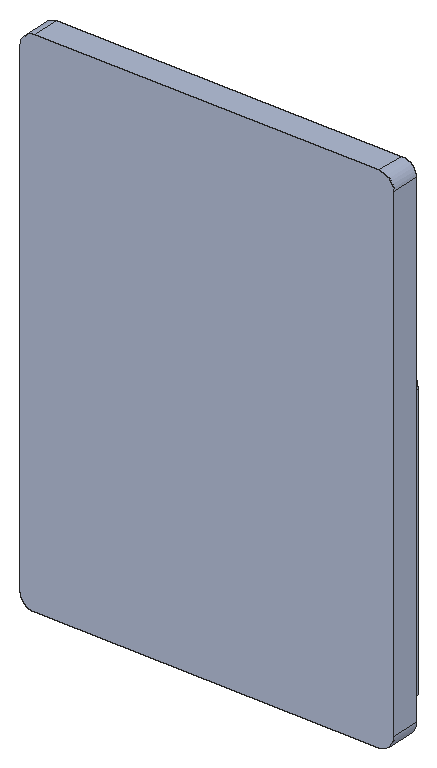
Revit family "BRG-GRF-DCH_CANBERRA MEZCLADOR DE DUCHA CON DIVERTOR", category Aparatos sanitarios, Revit 2019
Family settings
  Anfitrión = Muro
  Cota de conector redondo = Diámetro de uso
  Tipo de pieza = Normal
  Número OmniClass = 23.45.00.00
  Título OmniClass = Sanitary, Laundry, and Cleaning Equipment
  Siempre vertical = Sí
  Corte con vacíos al cargar = No
  Compartido = No
  Punto de cálculo de habitación = No
Parameters (values of type "CANBERRA MEZCLADORA MONOMANDO DE DUCHA 2 FUNCIONES")
  _EDESA_ Materiales = "Latón"
  _EDESA_ Marca = "BRIGGS"
  _EDESA_ Garantía = "De por vida para el cuerpo principal y acabado en cromo (306)"
  _EDESA_ Conexión hidráulica = "Entrada de agua: tubería ø 1/2\""
  _EDESA_ Tipo de instalación = "Empotrado en la pared"
  _EDESA_ Sku/código = "SG0090153061CW"
  _EDESA_ Manual de instalación = "https://www.briggs.com.ec/productos/instructivos/Briggs/Griferia/Mezcladora_ducha_2_funciones_generico.pdf"
  _EDESA_ Profundidad en cm = "6.4"
  _EDESA_ Productos necesarios para instalación = "Regadera y Pico de tina o Ducha Teléfono"
  _EDESA_ Productos incluídos = ""
  _EDESA_ Peso en kg = ""
  _EDESA_ Nombre = "CANBERRA MEZCLADORA MONOMANDO DE DUCHA 2 FUNCIONES"
  _EDESA_ Distancia de instalación en cm (muro terminado) = ""
  _EDESA_ Descripción = "Grifería monomando de ducha 2 funciones para agua fría y caliente. Instalación empotrado en la pared."
  _EDESA_ Contacto comercial = "(02) 395 2900"
  _EDESA_ Consumo/capacidad de agua en L = "9.5 litros por minuto / 2.5 gpm en combinación con cualquiera de nuestras regaderas"
  _EDESA_ Color = "cromo"
  _EDESA_ Certificación = "Cumple con norma NTE - INEN 3123 basada en la norma ASME 112.18.1 - 2012."
  _EDESA_ Categoría = "Productos > Grifería > Ducha"
  _EDESA_ Ancho en cm = "13"
  _EDESA_ Alto en cm = "18"
  _ALT_ eje1 = 1.10 m
  URL = "https://www.briggs.com.ec/productos/fichastecnicaspdf/Briggs/Griferia/Canberra_ducha_2_funciones.pdf"
  Modelo = "CANBERRA MEZCLADORA MONOMANDO DE DUCHA 2 FUNCIONES"
  Fabricante = "BRIGGS ECUADOR"
Reference planes (m)
  plane 1: y = 0
  plane 2 "Centro (Izquierda/Derecha)": x = 0.125
  plane 3 "Posterior": y = 0.075
  plane 4: y = 0.08475
  plane 5: y = 0.10457
  plane 6: z = 1.123599
  plane 7: z = 1.1
  plane 8: z = 1.146748
Forms (m)
  Extrusion 1, solid, material ".MAT_Grifería_Cromo"
    sketch origin (0, 0.075, -0.871185) x (1, 0, 0) y (0, 0, 1)
      loop
        line (0.125, 1.992132) -> (0.06, 1.992132) -> (0.06, 1.907132)
        arc (0.06, 1.907132) -> (0.061464, 1.903597) -> (0.065, 1.902132) r 0.005
        line (0.065, 1.902132) -> (0.125, 1.902132) -> (0.125, 1.992132)
    from -0.00975 to 0
  Extrusion 2, solid, material ".MAT_Grifería_Cromo"
    sketch origin (0.25, 0.075, -0.871185) x (-1, 0, 0) y (0, 0, -1)
      loop
        line (0.125, -1.992132) -> (0.125, -1.902132) -> (0.065, -1.902132)
        arc (0.065, -1.902132) -> (0.061464, -1.903597) -> (0.06, -1.907132) r 0.005
        line (0.06, -1.907132) -> (0.06, -1.992132) -> (0.125, -1.992132)
    from -0.00975 to 0
  Extrusion 3, solid, material ".MAT_Grifería_Cromo"
    sketch origin (0, 0.075, 2.791185) x (1, 0, 0) y (0, 0, 1)
      loop
        line (0.19, -1.670238) -> (0.19, -1.585238)
        arc (0.19, -1.585238) -> (0.188536, -1.581702) -> (0.185, -1.580238) r 0.005
        line (0.185, -1.580238) -> (0.065, -1.580238)
        arc (0.065, -1.580238) -> (0.061464, -1.581702) -> (0.06, -1.585238) r 0.005
        line (0.06, -1.585238) -> (0.06, -1.670238) -> (0.19, -1.670238)
    from -0.00975 to 0
  Revolve 4, solid, material ".MAT_Grifería_Cromo"
    sketch origin (0.125, 0, -0.020947) x (0, 1, 0) y (0, 0, 1)
      loop
        line (0.113674, 1.117974) -> (0.08475, 1.117974) -> (0.08475, 1.1) -> (0.113674, 1.1) -> (0.121271, 1.1) -> (0.121271, 1.112992)
        arc (0.121271, 1.112992) -> (0.117868, 1.115788) -> (0.113674, 1.117132) r 0.011723
        line (0.113674, 1.117132) -> (0.113674, 1.117974)
      axis (0.121271, 1.1) -> (0.08475, 1.1)
    angle from 0 to 360
  Revolve 5, solid, material ".MAT_Grifería_Cromo"
    sketch origin (0.125, 0, 0.094004) x (0, 1, 0) y (0, 0, 1)
      loop
        line (0.122512, 1.064444) -> (0.08475, 1.064444) -> (0.08475, 1.057569) -> (0.101062, 1.057569) -> (0.101062, 1.055669) -> (0.116662, 1.055669) -> (0.116662, 1.052744) -> (0.119392, 1.052744)
        arc (0.119392, 1.052744) -> (0.121718, 1.058389) -> (0.122512, 1.064444) r 0.023497
      axis (0.122512, 1.064444) -> (0.08475, 1.064444)
    angle from 0 to 360
  Revolve 6, solid, material ".MAT_Grifería_Cromo", not visible
    sketch origin (0.125, 0, 0.017062) x (0, 1, 0) y (0, 0, 1)
      loop
        line (0.113674, 1.117974) -> (0.08475, 1.117974) -> (0.08475, 1.1) -> (0.113674, 1.1) -> (0.121271, 1.1) -> (0.121271, 1.112992)
        arc (0.121271, 1.112992) -> (0.117868, 1.115788) -> (0.113674, 1.117132) r 0.011723
        line (0.113674, 1.117132) -> (0.113674, 1.117974)
      axis (0.121271, 1.1) -> (0.08475, 1.1)
    angle from 0 to 360
  Revolve 7, solid, material ".MAT_Grifería_Cromo", not visible
    sketch origin (0.125, 0, 0) x (0, 1, 0) y (0, 0, 1)
      loop
        line (0.122512, 1.064444) -> (0.08475, 1.064444) -> (0.08475, 1.057569) -> (0.101062, 1.057569) -> (0.101062, 1.055669) -> (0.116662, 1.055669) -> (0.116662, 1.052744) -> (0.119392, 1.052744)
        arc (0.119392, 1.052744) -> (0.121718, 1.058389) -> (0.122512, 1.064444) r 0.023497
      axis (0.122512, 1.064444) -> (0.08475, 1.064444)
    angle from 0 to 360
Cuts and joins
  joined: Extrusion 1, Extrusion 2, Extrusion 3
Text (m)
  text "Cara de colocación" at (-1.787139, 0.59235, 0), in view "Nivel de referencia"
  text "Cara de colocación" at (0, 1.827695, 2.917686), in view "Izquierda"
  text "Cara de colocación" at (0, 0.562268, 3.853606), in view "Derecha"
Dimensions and locks (m)
  locked: plane 3 "Posterior" to host wall at 0
  locked: plane 4 to plane 3 "Posterior" at 0.00975
  locked: plane 5 to plane 4 at 0.01982
  locked: plane 6 to plane 7 at 0.023599
  "_ALT_ eje1": plane 7 to level
  plane 8 to plane 6 = 0.023149 m
  aligned and locked: host wall to plane 1
  aligned and locked: Revolve 4 to plane 4
  aligned and locked: plane 4 to Revolve 5
  aligned and locked: plane 5 to nested 1
  aligned and locked: plane 2 "Centro (Izquierda/Derecha)" to nested 1
  aligned and locked: plane 7 to nested 1
  aligned and locked: plane 8 to Revolve 5
Automatic sketch dimensions
  Extrusion 1 sketch curve to plane 2 "Centro (Izquierda/Derecha)" = 0.00 m
  Extrusion 1 sketch curve to Extrusion 1 sketch curve = 0.06 m
  Extrusion 1 sketch curve to Extrusion 1 sketch curve = 0.005 m
  Extrusion 1 sketch curve to plane 7 = 0.069053 m
  Extrusion 1 sketch curve to plane 6 = 0.002652 m
  Extrusion 2 sketch curve to plane 2 "Centro (Izquierda/Derecha)" = 0.00 m
  Extrusion 2 sketch curve to plane 2 "Centro (Izquierda/Derecha)" = 0.06 m
  plane 6 to Extrusion 2 sketch curve = 0.002652 m
  Extrusion 2 sketch curve to plane 2 "Centro (Izquierda/Derecha)" = 0.065 m
  plane 7 to Extrusion 2 sketch curve = 0.064053 m
  plane 6 to Extrusion 3 sketch curve = 0.002652 m
  plane 2 "Centro (Izquierda/Derecha)" to Extrusion 3 sketch curve = 0.065 m
  Extrusion 3 sketch curve to Extrusion 3 sketch curve = 0.005 m  (x2)
  Extrusion 3 sketch curve to plane 2 "Centro (Izquierda/Derecha)" = 0.06 m
  Extrusion 3 sketch curve to plane 6 = 0.082348 m
Nested families (m)
  nested 1: "Manija" at (0.125, 0.10457, 0.10334) x (0, 1, 0) z (0, 0, 1), type "Tipo 1"
Connectors (m)
  piping at (0.087, 0.075, 1.067947), diameter 0.0125
    settings: on Extrusion 1, index 2, connector inside diameter 609.6 mm, connector length 0.00 m, flow factor 0, pipe flow 0.0 L/s, pressure drop 0.0 Pa, fitting loss kfactor 0, connector angle 0.00°, fixture units 0, engagement length 0.00 m, angle of deflection 0.00°, flow configuration 0, flow direction 1, fitting loss method 0, system type 19, joint type 0, gender type 0, connector reference index -1, connector utility 0, adjustable connector no, is connector primary yes, connector description ""
  piping at (0.163, 0.075, 1.067947), diameter 0.0125
    settings: on Extrusion 2, index 3, connector inside diameter 609.6 mm, connector length 0.00 m, flow factor 0, pipe flow 0.0 L/s, pressure drop 0.0 Pa, fitting loss kfactor 0, connector angle 0.00°, fixture units 0, engagement length 0.00 m, angle of deflection 0.00°, flow configuration 0, flow direction 1, fitting loss method 0, system type 20, joint type 0, gender type 0, connector reference index -1, connector utility 0, adjustable connector no, is connector primary no, connector description ""
  piping at (0.125, 0.075, 1.17928), diameter 0.0125
    settings: on Extrusion 3, index 4, connector inside diameter 609.6 mm, connector length 0.00 m, flow factor 0, pipe flow 0.0 L/s, pressure drop 0.0 Pa, fitting loss kfactor 0, connector angle 0.00°, fixture units 0, engagement length 0.00 m, angle of deflection 0.00°, flow configuration 0, flow direction 2, fitting loss method 0, system type 7, joint type 0, gender type 0, connector reference index -1, connector utility 0, adjustable connector no, is connector primary no, connector description ""
Definition of nested family "Manija"
  Parameters (values of type "BELA MONOMANDO PARA LAVAMANOS CROMO")
    _EDESA_ Tolerancia dimensional = ""
    _EDESA_ Sku/código = "0"
    _EDESA_ Contacto comercial = "0"
    _EDESA_ Color = ""
    _EDESA_ Certificación = "0"
    _EDESA_ Productos necesarios para instalación = "0"
    _EDESA_ Productos incluídos = "0"
    _EDESA_ Tipo de Aro = "0"
    _EDESA_ Descripción = "0"
    _EDESA_ Peso en kg = "0"
    _EDESA_ Consumo/capacidad de agua en L = "0"
    _EDESA_ Distancia de instalación en cm (muro terminado) = "0"
    _EDESA_ Tipo de instalación = "0"
    _EDESA_ Profundidad en cm = "0"
    _EDESA_ Ancho en cm = "0"
    _EDESA_ Alto en cm = "0"
    _EDESA_ Página web = "0"
    _EDESA_ Nombre = "0"
    _EDESA_ Marca = "0"
    _ALT_Eje instalación = 0.60 m
    _ALT_Basamento = 0.85 m
    URL = ""
    Model = "00"
    Type Image = (empty or 0)
    Manufacturer = "EDESA Ecuador"
    Vent Connection = yes
    Waste Connection = yes
    CW Connection = yes
    HW Connection = yes
  Types (2): name
    BELA MONOMANDO PARA LAVAMANOS CROMO
    Tipo 1
  Reference planes (m)
    plane 1 "Centro (Frontal/Posterior)": y = 0
    plane 2: z = 0
    plane 3 "Centro (Izquierda/Derecha)": x = 0
    plane 4 "_RP_Mesón": z = 0.85
    plane 5 "_RP_01": y = 0.02312
    plane 6 "_RP_2": x = 0.017831
    plane 7 "_RP_3": y = 0.021002
    plane 8 "_RP_4": y = -0.021002
    plane 9 "_RP_Eje1": z = 0.946
    plane 10: y = -0.151002
    plane 11 "_RP_Eje2": z = 1.151
  Forms (m)
    Extrusion 1, solid
      sketch origin (-0.055198, 0, 1.92166) x (1, 0, 0) y (0, 0, -1)
        loop
          line (0.057, 0.925) -> (0.091, 0.925) -> (0.091, 1.02) -> (0.08904, 1.02) -> (0.086, 1.005992) -> (0.086, 0.956)
          arc (0.086, 0.956) -> (0.083071, 0.948929) -> (0.076, 0.946) r 0.01
          line (0.076, 0.946) -> (0.057, 0.946) -> (0.057, 0.925)
      from -0.021002 to 0.021002
    Revolve 2, solid
      sketch origin (-0.055198, 0, 1.92166) x (1, 0, 0) y (0, 0, -1)
        loop
          line (0.057, 0.903997) -> (0.091, 0.903997) -> (0.091, 0.925) -> (0.057, 0.925) -> (0.057, 0.903997)
        axis (0.057, 0.925) -> (0.091, 0.925)
      angle from -90 to 90
    Extrusion 3, void
      sketch origin (-0.055198, 0, 1.92166) x (1, 0, 0) y (0, 0, -1)
        loop
          line (0.057, 0.925) -> (0.057, 0.90166) -> (0.065959, 0.90166) -> (0.057, 0.925)
      from -0.04 to 0.04
    Revolve 4, solid
      sketch origin (-0.055198, 0, 1.92166) x (1, 0, 0) y (0, 0, -1)
        loop
          line (0.055198, 0.92503) -> (0.055198, 0.905807)
          arc (0.055198, 0.905807) -> (0.067528, 0.911539) -> (0.069217, 0.92503) r 0.014038
          line (0.069217, 0.92503) -> (0.055198, 0.92503)
        axis (0.069217, 0.92503) -> (0.055198, 0.92503)
      angle from 0 to 360
  Cuts and joins
    Extrusion 3 cuts Revolve 2
  Dimensions and locks (m)
    "_ALT_Basamento": plane 4 "_RP_Mesón" to level
    aligned and locked: level to plane 2
  Automatic sketch dimensions
    plane 3 "Centro (Izquierda/Derecha)" to Extrusion 1 sketch curve = 0.001802 m
    Extrusion 1 sketch curve to plane 6 "_RP_2" = 0.002971 m
    Extrusion 1 sketch curve to plane 6 "_RP_2" = 0.012971 m
    Extrusion 1 sketch curve to Extrusion 1 sketch curve = 0.00304 m
    Extrusion 1 sketch curve to plane 6 "_RP_2" = 0.017971 m
    Extrusion 1 sketch curve to plane 9 "_RP_Eje1" = 0.05066 m
    Extrusion 1 sketch curve to Extrusion 1 sketch curve = 0.021 m
    plane 9 "_RP_Eje1" to Extrusion 1 sketch curve = 0.030331 m
    Extrusion 1 sketch curve to Extrusion 1 sketch curve = 0.014008 m
    plane 3 "Centro (Izquierda/Derecha)" to Revolve 2 sketch curve = 0.001802 m
    Revolve 2 sketch curve to plane 6 "_RP_2" = 0.017971 m
    Revolve 2 sketch curve to plane 9 "_RP_Eje1" = 0.071663 m
    Revolve 2 sketch curve to Revolve 2 sketch curve = 0.021003 m
    Revolve 2 sketch curve to Revolve 2 sketch curve = 0.00 m  (x2)
    Revolve 2 sketch curve to Revolve 2 sketch curve = 0.025 m
    plane 3 "Centro (Izquierda/Derecha)" to Extrusion 3 sketch curve = 0.001802 m
    plane 6 "_RP_2" to Extrusion 3 sketch curve = 0.00707 m
    Extrusion 3 sketch curve to plane 9 "_RP_Eje1" = 0.074 m
    Extrusion 3 sketch curve to Extrusion 3 sketch curve = 0.02334 m
    Revolve 4 sketch curve to plane 3 "Centro (Izquierda/Derecha)" = 0.00 m  (x2)
    plane 3 "Centro (Izquierda/Derecha)" to Revolve 4 sketch curve = 0.000987 m
    plane 6 "_RP_2" to Revolve 4 sketch curve = 0.003812 m
    Revolve 4 sketch curve to plane 9 "_RP_Eje1" = 0.069853 m
    Revolve 4 sketch curve to Revolve 4 sketch curve = 0.014003 m
    Revolve 4 sketch curve to plane 3 "Centro (Izquierda/Derecha)" = 0.01 m
    Revolve 4 sketch curve to Revolve 4 sketch curve = 0.00 m
